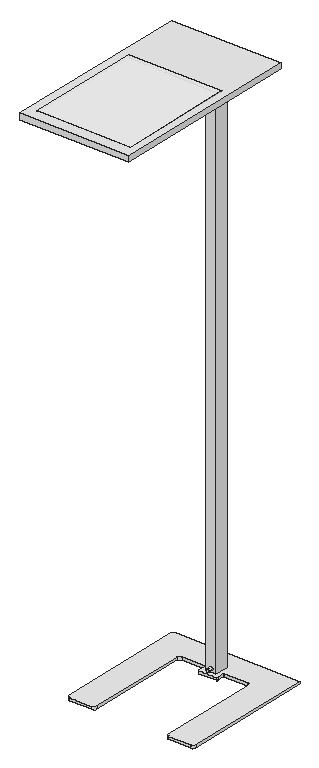
Revit family "0060786 Sylvania Lighting Fixture FREEOFFICE DIRECT INDIRECT 12KLM PIR WHITE EC", category Lighting Fixtures, host Face, Revit 2016
Family settings
  Host = Face
  Part Type = Normal
  Round Connector Dimension = Use Diameter
  OmniClass Number = 23.80.70.11.17
  OmniClass Title = Specialized Lighting by Location or Use
  Cut with Voids When Loaded = No
  Light Source = Yes
  Shared = No
  Room Calculation Point = No
Parameters (values of type "0060786 FREEOFFICE D/I 12 PIR WHITE EC")
  Weight = "22.8 kg"
  Wattage = 93 W
  WarrantyStartDate [instance] = "n/a"
  WarrantyGuarantorParts = "n/a"
  WarrantyDurationUnit = "n/a"
  WarrantyDurationParts = "n/a"
  WarrantyDescription = "n/a"
  built-in parameter 1150110 = 1 (stored number, unit not read)
  Voltage = 230 V
  TypeName = "FREEOFFICE DIRECT/INDIRECT 12KLM PIR WHITE EC"
  built-in parameter 1114217 = 1 (stored number, unit not read)
  Tilt Angle = -90°
  built-in parameter 1150109 = 1 (stored number, unit not read)
  built-in parameter 1150134 = 12
  built-in parameter 1150113 = 1 (stored number, unit not read)
  SerialNumber [instance] = "n/a"
  Radius_FEILO = 165.0 mm
  URL = "http://www.sylvania-lighting.com"
  PowerFactor = 0.96
  PowerConsumption = "93 W"
  Photometric Web File = "0060786.ies"
  PIR_SYL = yes
  NominalWidth = 0.0 mm
  NominalLength = 690.0 mm
  NominalHeight = 2030.0 mm
  Name = "FREEOFFICE DIRECT/INDIRECT 12KLM PIR WHITE EC"
  ModelReference = "FREEOFFICE DIRECT/INDIRECT 12KLM PIR WHITE EC"
  ModelNumber = "0060786"
  Material_3_SYL = Body-Sylvania-FreeOffice-BLK
  Material_2_SYL = Polycarbonate_Sylvania_Sylcircle_Opal
  Material_1_SYL = Body-Sylvania-FreeOffice-WH
  Material = "head and pole : powder coated aluminium. stand: powder coated steel housing, pmma diffuser"
  ManufacturerName = "Feilo Sylvania"
  LuminousEfficacy = "131 lm/W"
  built-in parameter 1150105 = 3688.2 (stored number, unit not read)
  Lumens = 12183 lm
  LuminaireType = ""
  built-in parameter 1150115 = 1 (stored number, unit not read)
  LightOutputRatio = "n/a"
  built-in parameter 1150137 = (empty or 0)
  built-in parameter 1150139 = (empty or 0)
  LampsType = Lamp  # "LED"
  LampNominalLuminous = "12150 lm"
  LampMacAdamStep = "3"
  LampColourTemperature = "4000 K"
  LampColourRenderingIndex = "80"
  built-in parameter 1150112 = 1 (stored number, unit not read)
  built-in parameter 1150114 = 1 (stored number, unit not read)
  Keynote = "16500"
  InstallationDate [instance] = "n/a"
  InputVoltage = "220-240V~"
  InputNominalFrequency = "50/60 Hz"
  built-in parameter 1150132 = (empty or 0)
  built-in parameter 1150102 = (empty or 0)
  built-in parameter 1150107 = 4000 (stored number, unit not read)
  built-in parameter 1150138 = (empty or 0)
  IngressProtection = "IP20"
  ImpactProtectionIndex = "IK02"
  built-in parameter 1150106 = 36.882 (stored number, unit not read)
  IfcExportType = "IfcLightFixtureType"
  IfcExportAs = "IfcLightFixtureType"
  Height_FEILO = 96.0 mm
  ExpectedLife = 50000
  Emit from Rectangle Width = 340.1 mm
  Emit from Rectangle Length = 564.6 mm
  Emit Shape Visible in Rendering = no
  ElectricShockClassification = "Class I"
  built-in parameter 1150104 = 12.17 (stored number, unit not read)
  DurationUnit = "hours"
  DocumentationLiterature = "http://www.sylvania-lighting.com/product/en-int/products/0060786"
  DimmingControlOptions = "Dimmable"
  Dimming Lamp Color Temperature Shift = <None>
  Diameter_FEILO = 2 * Radius_FEILO  # 330.0 mm
  CreatedOn = "12/5/2018"
  CreatedBy = "@sylvania-lighting.com"
  Color Filter = 16777215
  built-in parameter 1114216 [instance] = 1 (stored number, unit not read)
  Model = "FREEOFFICE DIRECT/INDIRECT 12KLM PIR WHITE EC"
  Manufacturer = "Feilo Sylvania"
  Lamp = "LED"
  Description = "FREEOFFICE DIRECT/INDIRECT 12KLM PIR WHITE EC is a highly efficient free-standing floor lamp providing optimal illumination for single and twin workstations. 80% uplight and 20% downlight ratio for ambient and task lighting from a single luminaire. Microprismatic PMMA optics for advanced glare control. White RAL9010 powder coated luminaire body. Aluminium head and pole for high-quality appearance, steel stand for higher stability. Luminaire dimensions: Head: 690x397x25mm, Stand: 480x460x16mm, Pole: 55x35x2030mm. Operated and dimmed with a push button located in the pole at a height suitable to be used with adjustable height desks. Equipped with presence and daylight sensor. Up and downlight dims together. 4000K Neutral White LED, CRI>80, chromaticity tolerance: SDCM<3. Luminous flux: 12150lm. Power consumption 93W. Luminaire efficacy: 131lm/W. Lumen maintenance: L80B50=55000h. UGR<16, Luminance at 65°<3000 cd/m2. IK02, IP20. Photobiological safety risk group 0. Electrical protection: Class I. Glow wire test: 650°C. Supplied with 3m cable with DIN 49441-R2 plug."
  Default Elevation = 0.0 mm
  built-in parameter 1140040 [instance] = 1
  BarCode [instance] = "n/a"
  built-in parameter 1114218 = 1 (stored number, unit not read)
  built-in parameter 1150133 = 10 (stored number, unit not read)
  AssetType = "Fixed"
  AssetIdentifier [instance] = "n/a"
  Assembly Code = "D5020200"
  Apparent Load = 93 VA
Reference planes
  plane 1 "Center (Front/Back)": y = 0
  plane 2: z = 0
  plane 3 "Center (Left/Right)": x = 0
  plane 4: z = 2030
  plane 5: x = 230
  plane 6: x = -230
  plane 7: x = 18
  plane 8: x = -18
  plane 9: x = -198.5
  plane 10: x = 198.5
  plane 11: y = 25
  plane 12: y = -25
  plane 13: y = -390.174
  plane 14: y = 89.826
  plane 15: y = -645
  plane 16: y = 44
  plane 17: z = 9
  plane 18: z = 2010
  plane 19: y = -187.327
  plane 20: y = -603.8
  plane 21: x = -170.03
  plane 22: x = 170.03
  plane 23: y = -39.174
  plane 24: z = 2020
  plane 25: x = 130
  plane 26: x = -130
  plane 27: y = -10.174
  plane 28: x = 34
  plane 29: x = -34
  plane 30: y = -39.174
  plane 31: y = -321.487
  plane 32: z = 21
  plane 33: y = -624.4
  plane 34: z = 2009
Forms (mm)
  Extrusion 1, solid, material "Body-Sylvania-FreeOffice-WH" <- "Material_1_SYL"
    sketch origin (-1380.213, -4572, 2010) x (-1, 0, 0) y (0, -1, 0)
      loop
        line (-1181.713, -3927) -> (-1578.713, -3927) -> (-1578.713, -4616) -> (-1181.713, -4616) -> (-1181.713, -3927)
    from 0 to 20
  Extrusion 2, void
    sketch origin (-1380.213, -4572, 2030) x (0, -1, 0) y (-1, 0, 0)
      loop
        line (-4384.673, -1210.183) -> (-4384.673, -1550.243) -> (-3968.2, -1550.243) -> (-3968.2, -1210.183) -> (-4384.673, -1210.183)
    from 0 to 20
  Extrusion 3, void
    sketch origin (-1380.213, -4572, 2010) x (0, -1, 0) y (-1, 0, 0)
      loop
        line (-3968.2, -1210.183) -> (-4532.826, -1210.183) -> (-4532.826, -1550.243) -> (-3968.2, -1550.243) -> (-3968.2, -1210.183)
    from 0 to -10
  Extrusion 4, solid, material "Body-Sylvania-FreeOffice-WH" <- "Material_1_SYL"
    sketch origin (0, 0, 0) x (1, 0, 0) y (0, 1, 0)
      loop
        line (-230, 79.826) -> (-230, -380.174)
        arc (-230, -380.174) -> (-227.071, -387.245) -> (-220, -390.174) r 10
        line (-220, -390.174) -> (-140, -390.174)
        arc (-140, -390.174) -> (-132.929, -387.245) -> (-130, -380.174) r 10
        line (-130, -380.174) -> (-130, -20.174)
        arc (-130, -20.174) -> (-127.071, -13.103) -> (-120, -10.174) r 10
        line (-120, -10.174) -> (-36, -10.174)
        arc (-36, -10.174) -> (-34.586, -10.76) -> (-34, -12.174) r 2
        line (-34, -12.174) -> (-34, -37.174)
        arc (-34, -37.174) -> (-33.414, -38.588) -> (-32, -39.174) r 2
        line (-32, -39.174) -> (32, -39.174)
        arc (32, -39.174) -> (33.414, -38.588) -> (34, -37.174) r 2
        line (34, -37.174) -> (34, -12.174)
        arc (34, -12.174) -> (34.586, -10.76) -> (36, -10.174) r 2
        line (36, -10.174) -> (120, -10.174)
        arc (120, -10.174) -> (127.071, -13.103) -> (130, -20.174) r 10
        line (130, -20.174) -> (130, -380.174)
        arc (130, -380.174) -> (132.929, -387.245) -> (140, -390.174) r 10
        line (140, -390.174) -> (220, -390.174)
        arc (220, -390.174) -> (227.071, -387.245) -> (230, -380.174) r 10
        line (230, -380.174) -> (230, 89.826) -> (-220, 89.826)
        arc (-220, 89.826) -> (-227.071, 86.897) -> (-230, 79.826) r 10
    from 0 to 9
  Extrusion 5, solid, material "Body-Sylvania-FreeOffice-WH" <- "Material_1_SYL"
    sketch origin (645.563, -4597, 9) x (0, -1, 0) y (-1, 0, 0)
      loop
        line (-4622, 663.563) -> (-4622, 627.563) -> (-4572, 627.563) -> (-4572, 663.563) -> (-4622, 663.563)
    from 0 to -2001
  Extrusion 6, solid, material "Body-Sylvania-FreeOffice-WH" <- "Material_1_SYL"
    sketch origin (747.1, -25, 1219.2) x (1, 0, 0) y (0, 0, 1)
      loop
        circle (-747.1, -1198.2) r 5
    from 0 to 14.174
  Extrusion 7, solid, material "Polycarbonate_Sylvania_Sylcircle_Opal" <- "Material_2_SYL"
    sketch origin (-1380.213, -4572, 2030) x (-1, 0, 0) y (0, -1, 0)
      loop
        line (-1550.243, -3968.2) -> (-1550.243, -4384.673) -> (-1210.183, -4384.673) -> (-1210.183, -3968.2) -> (-1550.243, -3968.2)
    from 0 to -10
  Extrusion 8, solid, material "Polycarbonate_Sylvania_Sylcircle_Opal" <- "Material_2_SYL"
    sketch origin (-1380.213, -4572, 2010) x (-1, 0, 0) y (0, -1, 0)
      loop
        line (-1210.183, -4532.826) -> (-1210.183, -3968.2) -> (-1550.243, -3968.2) -> (-1550.243, -4532.826) -> (-1210.183, -4532.826)
    from 0 to 10
  Revolve 9, solid, material "Body-Sylvania-FreeOffice-BLK" <- "Material_3_SYL", visible <- "PIR_SYL"
    sketch origin (747.1, -624.4, 1219.2) x (1, 0, 0) y (0, 0, 1)
      loop
        line (-757.1, 789.8) -> (-754.426, 789.8)
        arc (-754.426, 789.8) -> (-751.007, 787.781) -> (-747.1, 787.079) r 11.221
        line (-747.1, 787.079) -> (-747.1, 790.8) -> (-757.1, 790.8) -> (-757.1, 789.8)
      axis (-747.1, 790.8) -> (-747.1, 787.079)
    angle from 0 to 360
Cuts and joins
  Extrusion 2, Extrusion 3 cuts Extrusion 1
Lines and regions (mm)
  reference lines
    curve 1: circle (0, 0, 21) r 5 normal (0, -1, 0)
    curve 2: circle (0, -624.4, 2010) r 10 normal (0, 0, 1)
Dimensions and locks
  equal spacing: plane 12, plane 1 "Center (Front/Back)", plane 11
  locked: plane 12 to plane 11 at 50
  equal spacing: plane 8, plane 3 "Center (Left/Right)", plane 7
  plane 8 to plane 7 = 36.0 mm
  equal spacing: plane 9, plane 3 "Center (Left/Right)", plane 10
  plane 9 to plane 10 = 397.0 mm
  equal spacing: plane 6, plane 3 "Center (Left/Right)", plane 5
  locked: plane 6 to plane 5 at 460
  locked: plane 4 to plane 2 at 2030
  locked: plane 13 to plane 1 "Center (Front/Back)" at 390.174
  locked: plane 13 to plane 14 at 480
  locked: plane 15 to plane 1 "Center (Front/Back)" at 645
  locked: plane 15 to plane 16 at 689
  locked: plane 17 to plane 2 at 9
  locked: plane 4 to plane 18 at 20
  locked: plane 19 to plane 1 "Center (Front/Back)" at 187.327
  locked: plane 20 to plane 19 at 416.473
  equal spacing: plane 21, plane 3 "Center (Left/Right)", plane 22
  plane 21 to plane 22 = 340.059 mm
  locked: plane 20 to plane 23 at 564.626
  equal spacing: plane 4, plane 24, plane 18
  equal spacing: plane 26, plane 3 "Center (Left/Right)", plane 25
  locked: plane 26 to plane 25 at 260
  locked: plane 27 to plane 14 at 100
  equal spacing: plane 29, plane 3 "Center (Left/Right)", plane 28
  locked: plane 29 to plane 28 at 68
  locked: plane 30 to plane 27 at 29
  equal spacing: plane 20, plane 31, plane 23
  locked: plane 32 to host face at 21
  equal spacing: plane 15, plane 33, plane 20
  locked: Revolve 9 sketch curve to plane 18 at 7.5
  locked: plane 18 to plane 34 at 1
  radius of curve 2 = 10.0 mm
  aligned and locked: plane 2 to host face
  aligned and locked: level to host face
  aligned and locked: plane 15 to Extrusion 1 sketch curve
  aligned and locked: Extrusion 1 sketch curve to plane 9
  aligned and locked: Extrusion 1 sketch curve to plane 16
  aligned and locked: plane 10 to Extrusion 1 sketch curve
  aligned and locked: plane 4 to Extrusion 1
  aligned and locked: Extrusion 1 to plane 18
  aligned and locked: Extrusion 2 sketch curve to plane 19
  aligned and locked: plane 20 to Extrusion 2 sketch curve
  aligned and locked: Extrusion 2 to plane 18
  aligned and locked: plane 4 to Extrusion 2
  aligned and locked: plane 21 to Extrusion 2 sketch curve
  aligned and locked: plane 22 to Extrusion 2 sketch curve
  aligned and locked: Extrusion 3 sketch curve to cut or joined group of Extrusion 1, Extrusion 2, Extrusion 3  (x2)
  aligned and locked: plane 23 to Extrusion 3 sketch curve
  aligned and locked: plane 22 to Extrusion 3 sketch curve
  aligned and locked: Extrusion 3 to plane 18
  aligned and locked: plane 24 to Extrusion 3
  aligned and locked: Extrusion 4 sketch curve to plane 14
  aligned and locked: Extrusion 4 sketch curve to plane 6
  aligned and locked: plane 13 to Extrusion 4 sketch curve  (x2)
  aligned and locked: Extrusion 4 sketch curve to plane 26
  aligned and locked: Extrusion 4 sketch curve to plane 25
  aligned and locked: plane 5 to Extrusion 4 sketch curve
  aligned and locked: plane 29 to Extrusion 4 sketch curve
  aligned and locked: plane 30 to Extrusion 4 sketch curve
  aligned and locked: Extrusion 4 sketch curve to plane 28
  aligned and locked: Extrusion 4 sketch curve to plane 27
  aligned and locked: Extrusion 4 to plane 17
  aligned and locked: Extrusion 4 to level
  aligned and locked: Extrusion 5 sketch curve to plane 8
  aligned and locked: plane 7 to Extrusion 5 sketch curve
  aligned and locked: plane 18 to Extrusion 5
  aligned and locked: plane 11 to Extrusion 5 sketch curve
  aligned and locked: Extrusion 5 sketch curve to plane 12
  aligned and locked: plane 24 to imposter light
  aligned and locked: imposter light to plane 3 "Center (Left/Right)"
  aligned and locked: imposter light to plane 31
  aligned and locked: Extrusion 6 sketch curve to curve 1
  aligned and locked: Extrusion 6 to plane 12
  aligned and locked: Extrusion 6 to cut or joined group of Extrusion 1, Extrusion 2, Extrusion 3
  aligned and locked: Extrusion 7 sketch curve to cut or joined group of Extrusion 1, Extrusion 2, Extrusion 3  (x4)
  aligned and locked: Extrusion 7 to plane 4
  aligned and locked: Extrusion 7 to cut or joined group of Extrusion 1, Extrusion 2, Extrusion 3
  aligned and locked: Extrusion 8 sketch curve to cut or joined group of Extrusion 1, Extrusion 2, Extrusion 3  (x4)
  aligned and locked: Extrusion 8 to cut or joined group of Extrusion 1, Extrusion 2, Extrusion 3
  aligned and locked: Extrusion 8 to plane 18
  aligned and locked: plane 3 "Center (Left/Right)" to curve 2
  aligned and locked: plane 33 to curve 2
  aligned and locked: plane 3 "Center (Left/Right)" to Revolve 9 sketch curve  (x2)
  aligned and locked: Revolve 9 sketch curve to plane 3 "Center (Left/Right)"
  aligned and locked: Revolve 9 sketch curve to plane 34
Automatic sketch dimensions
  host sketch curve to host sketch curve = 1305.563 mm
  host sketch curve to host sketch curve = 1283.632 mm
  plane 27 to Extrusion 4 sketch curve = 0.0 mm
  plane 6 to Extrusion 4 sketch curve = 10.0 mm  (x2)
  Extrusion 4 sketch curve to plane 13 = 10.0 mm
  Extrusion 4 sketch curve to plane 26 = 10.0 mm
  Extrusion 4 sketch curve to Extrusion 4 sketch curve = 2.0 mm
  plane 29 to Extrusion 4 sketch curve = 2.0 mm
  Extrusion 4 sketch curve to plane 28 = 2.0 mm
  plane 28 to Extrusion 4 sketch curve = 2.0 mm
  Extrusion 4 sketch curve to plane 25 = 10.0 mm
  Extrusion 4 sketch curve to Extrusion 4 sketch curve = 10.0 mm
  Extrusion 4 sketch curve to plane 5 = 10.0 mm
  curve 1 to plane 3 "Center (Left/Right)" = 0.0 mm
  curve 1 to plane 32 = 0.0 mm
  Revolve 9 sketch curve to plane 18 = 0.0 mm
  Revolve 9 sketch curve to plane 3 "Center (Left/Right)" = 7.326 mm
  Revolve 9 sketch curve to Revolve 9 sketch curve = 2.674 mm
  Revolve 9 sketch curve to level = 94.652 mm
  plane 4 to Revolve 9 sketch curve = 432.257 mm
  radius of curve 1 = 5.0 mm
Connectors
  electrical at (0, -39.174, 21), driven by "PowerFactor", driven by "Voltage", driven by "Apparent Load", driven by "Apparent Load"
    settings: on Extrusion 6, index 1, voltage 230 V, apparent load 93 VA, apparent load phase1 93 VA, apparent load phase2 0 VA, apparent load phase3 0 VA, power factor 0.96, load classification "Other", number of poles 1, system type 30, power factor state 1, is connector primary yes, connector utility no, sub classification motor no, connector description ""
